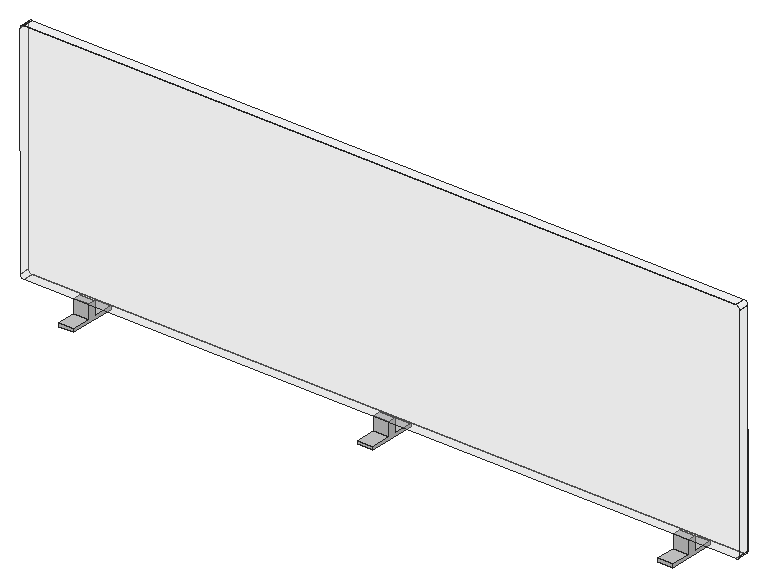
Revit family "Haworth_BelongPlus_Screen", category Furniture Systems, Revit 2018
Family settings
  Round Connector Dimension = Use Diameter
  Part Type = Normal
  OmniClass Number = 23.40.70.14.64.21
  OmniClass Title = Systems Furniture
  Work Plane-Based = No
  Always vertical = Yes
  Cut with Voids When Loaded = No
  Shared = No
  Room Calculation Point = No
Parameters (values of type "Territory Screen")
  Worksurface Thickness = 1 3/16"  # constant formula
  Worksurface Height = 29"
  Width = 60"
  Warranty = "http://www.haworth.com/resources/product-info/warranties"
  URL - Product = "http://www.haworth.com/products/accessories/work-tools/belong"
  URL = "www.haworth.com"
  Type Comments = ""
  Territory Screen = yes
  T-Bracket and Middle = and([T-Bracket], Middle Bracket)  # yes
  T-Bracket = or(Center Screen, Territory Screen)  # yes
  Sustainability Info = "https://www.haworth.com/na/en/expertise/sustainability.html"
  Size = "Verify Final Dim. w/ Haworth"  # constant formula
  Screen Finish = Haworth _ Glass _ Clear
  Screen Depth = 7/8"  # constant formula
  Revision Number = "3"  # constant formula
  Panel Bottom Offset = 0"
  L-Bracket and Middle = and([L-Bracket], Middle Bracket)  # no
  Full Modesty or Structural L Screen = no
  Custom Size = yes
  Center Screen = no
  Bracket Width = 1 1/4"  # constant formula
  Bracket Finish = Haworth _ Metal _ Brushed Aluminum
  Back or End Screen = no
  Actual Mounting Height = if([T-Bracket], 0", Actual Height / 2)  # 0"
  L-Bracket = or(Back or End Screen, Full Modesty or Structural L Screen)  # no
  Actual Bottom of Glass Height [instance] = 14 13/16"
  Model = "Haworth - Belong - Screen"  # constant formula
  Standard Widths = "24-60 in. @ 6 in. increments"
  Standard Heights = "19 or 27 in."
  Min. Width = 24"  # constant formula
  Middle Bracket = Actual Width > 48"  # yes
  Max. Width = 60"
  Min. Height = 19"
  Max. Height = 27"
  Manufacturer = "Haworth"  # constant formula
  Height = 12"
  Description = "Haworth_Belong-Screen"
  Bracket Spacing = Actual Width - 10"  # 50"
  Bracket Offset = 4 3/8"  # constant formula
  Author = "SHAPE Environments, LLC"  # constant formula
  Assembly Code = "E2020200"
  Actual Width = if(Width > Max. Width, Max. Width, if(Width < Min. Width, Min. Width, Width))  # 60"
  Actual Height = if(Height > Max. Height, Max. Height, if(Height < Min. Height, Min. Height, Height))  # 19"
Types (4): name | Worksurface Height | Width | Territory Screen | T-Bracket and Middle | T-Bracket | Screen Finish | Panel Bottom Offset | L-Bracket and Middle | Full Modesty or Structural L Screen | Custom Size | Center Screen | Back or End Screen | Actual Mounting Height | L-Bracket | Actual Bottom of Glass Height | Standard Widths | Standard Heights | Middle Bracket | Max. Width | Min. Height | Max. Height | Height | Bracket Spacing | Actual Width | Actual Height
  Back or End Screen | 29" | 60" | no | no | no | Haworth _ Fabric _ Tellure _ Miami 3A-33 | 0" | yes | no | no | no | yes | 13 1/2" | yes | 14 13/16" | "24-60 in. @ 6 in. increments" | "19 or 27 in." | yes | 60" | 19" | 27" | 27" | 50" | 60" | 27"
  Center Screen | 29" | 48" | no | no | yes | Haworth _ Glass _ Clear | 1/4" | no | no | no | yes | no | 0" | no | 27 13/16" | "24-96 in. @ 6 in. Increments" | "14 in." | no | 96" | 14" | 14" | 14" | 38" | 48" | 14"
  Territory Screen | 29" | 60" | yes | yes | yes | Haworth _ Glass _ Clear | 0" | no | no | yes | no | no | 0" | no | 14 13/16" | "24-60 in. @ 6 in. increments" | "19 or 27 in." | yes | 60" | 19" | 27" | 12" | 50" | 60" | 19"
  Full Modesty or Structural L Screen | 30" | 48" | no | no | no | Haworth _ Glass _ Clear | 0" | no | yes | no | no | no | 21" | yes | 13/16" | "24-48 in. @ 6 in. increments" | "42 or 50 in." | no | 48" | 42" | 50" | 42" | 38" | 48" | 42"
Reference planes (in)
  plane 1 "Center F/B": y = 0
  plane 2: z = 0
  plane 3 "Center L/R": x = -1.28601
  plane 4 "Screen Top": z = 33.8125
  plane 5 "Bottom": z = 14.8125
  plane 6 "Left": x = -31.28601
  plane 7 "Right": x = 28.71399
  plane 8 "Back": y = 0.4375
  plane 9 "Table Height Bottom": z = 14.8125
  plane 10 "Front": y = -0.4375
  plane 11 "Right Bracket": x = 24.33899
  plane 12 "Left Bracket": x = -26.91101
  plane 13 "Panel Bottom": z = 14.8125
  plane 14: y = 3.5625
  plane 15: z = 12.75
  plane 16: x = -1.91101
  plane 17: x = -0.66101
  plane 18: z = 13.4375
Forms (in)
  Extrusion 1, solid, material "Haworth _ Glass _ Clear" <- "Screen Finish"
    sketch origin (0, 0, 24) x (1, 0, 0) y (0, 0, 1)
      loop
        arc (-30.97351, 9.8125) -> (-31.19448, 9.72097) -> (-31.28601, 9.5) r 0.3125
        line (-31.28601, 9.5) -> (-31.28601, -8.875)
        arc (-31.28601, -8.875) -> (-31.19448, -9.09597) -> (-30.97351, -9.1875) r 0.3125
        line (-30.97351, -9.1875) -> (28.40149, -9.1875)
        arc (28.40149, -9.1875) -> (28.62247, -9.09597) -> (28.71399, -8.875) r 0.3125
        line (28.71399, -8.875) -> (28.71399, 9.5)
        arc (28.71399, 9.5) -> (28.62247, 9.72097) -> (28.40149, 9.8125) r 0.3125
        line (28.40149, 9.8125) -> (-30.97351, 9.8125)
    from 0.4375 to -0.4375
Lines and regions (in)
  Masking region 1
    outline origin (0, 0, 33.8125) x (-1, 0, 0) y (0, -1, 0)
      loop
        line (31.28601, -0.4375) -> (31.28601, 0.4375) -> (-28.71399, 0.4375) -> (-28.71399, -0.4375) -> (31.28601, -0.4375)
  Masking region 2, visible <- "L-Bracket", detail levels fine
    outline origin (0, 0, 0) x (1, 0, 0) y (0, 1, 0)
      loop
        line (-26.91101, 3.5625) -> (-26.91101, 0.4375) -> (-25.66101, 0.4375) -> (-25.66101, 3.5625) -> (-26.91101, 3.5625)
      loop
        line (23.08899, 3.5625) -> (23.08899, 0.4375) -> (24.33899, 0.4375) -> (24.33899, 3.5625) -> (23.08899, 3.5625)
  Masking region 3, visible <- "L-Bracket and Middle", detail levels fine
    outline origin (11.27631, 4.10424, 0) x (1, 0, 0) y (0, 1, 0)
      loop
        line (-13.18732, -0.54174) -> (-13.18732, -3.66674) -> (-11.93732, -3.66674) -> (-11.93732, -0.54174) -> (-13.18732, -0.54174)
  symbolic lines, visible <- "Center Screen"
    curve 1: line (-26.91101, 1.9375, 0) -> (-25.66101, 1.9375, 0)
    curve 2: line (-26.91101, -1.9375, 0) -> (-26.91101, 1.9375, 0)
    curve 3: line (-25.66101, -1.9375, 0) -> (-26.91101, -1.9375, 0)
    curve 4: line (-25.66101, 1.9375, 0) -> (-25.66101, -1.9375, 0)
    curve 9: line (23.08899, 1.9375, 0) -> (24.33899, 1.9375, 0)
    curve 10: line (23.08899, -1.9375, 0) -> (23.08899, 1.9375, 0)
    curve 11: line (24.33899, -1.9375, 0) -> (23.08899, -1.9375, 0)
    curve 12: line (24.33899, 1.9375, 0) -> (24.33899, -1.9375, 0)
  symbolic lines, visible <- "T-Bracket and Middle"
    curve 5: line (-1.91101, 1.9375, 0) -> (-0.66101, 1.9375, 0)
    curve 6: line (-1.91101, -1.9375, 0) -> (-1.91101, 1.9375, 0)
    curve 7: line (-0.66101, -1.9375, 0) -> (-1.91101, -1.9375, 0)
    curve 8: line (-0.66101, 1.9375, 0) -> (-0.66101, -1.9375, 0)
Dimensions and locks (in)
  "Actual Height": plane 4 "Screen Top" to plane 5 "Bottom"
  equal spacing: plane 7 "Right", plane 3 "Center L/R", plane 6 "Left"
  "Actual Width": plane 6 "Left" to plane 7 "Right"
  "Screen Depth": plane 8 "Back" to plane 10 "Front"
  equal spacing: plane 8 "Back", plane 1 "Center F/B", plane 10 "Front"
  "Bracket Offset": plane 7 "Right" to plane 11 "Right Bracket"
  "Bracket Offset": plane 12 "Left Bracket" to plane 6 "Left"
  "Actual Bottom of Glass Height": plane 5 "Bottom" to plane 2
  "Panel Bottom Offset": plane 13 "Panel Bottom" to plane 5 "Bottom"
  locked: plane 8 "Back" to plane 14 at 3.125
  locked: plane 9 "Table Height Bottom" to plane 15 at 2.0625
  equal spacing: plane 16, plane 3 "Center L/R", plane 17
  "Bracket Width": plane 16 to plane 17
  plane 13 "Panel Bottom" to plane 18 = 1 3/8"
  "Actual Mounting Height": plane 9 "Table Height Bottom" to plane 13 "Panel Bottom"
  aligned and locked: Extrusion 1 sketch curve to plane 4 "Screen Top"
  aligned and locked: plane 7 "Right" to Extrusion 1 sketch curve
  aligned and locked: plane 8 "Back" to Extrusion 1
  aligned and locked: Extrusion 1 to plane 10 "Front"
  aligned and locked: Masking region 1 sketch curve to Extrusion 1  (x2)
  aligned and locked: plane 10 "Front" to Masking region 1 sketch curve
  aligned and locked: plane 7 "Right" to Masking region 1 sketch curve
  aligned and locked: Extrusion 1 to plane 13 "Panel Bottom"
  aligned and locked: plane 12 "Left Bracket" to Masking region 2 sketch curve
  aligned and locked: plane 8 "Back" to Masking region 2 sketch curve  (x2)
  aligned and locked: Masking region 2 sketch curve to plane 14  (x2)
  aligned and locked: Masking region 2 sketch curve to plane 11 "Right Bracket"
  aligned and locked: plane 8 "Back" to Masking region 3 sketch curve
  aligned and locked: Masking region 3 sketch curve to plane 14
  aligned and locked: plane 17 to Masking region 3 sketch curve
  aligned and locked: plane 16 to Masking region 3 sketch curve
  aligned and locked: plane 1 "Center F/B" to nested 1
  aligned and locked: plane 3 "Center L/R" to nested 1
  aligned and locked: plane 1 "Center F/B" to nested 2
  aligned and locked: nested 2 to plane 12 "Left Bracket"
  aligned and locked: plane 1 "Center F/B" to nested 3
  aligned and locked: plane 11 "Right Bracket" to nested 3
  aligned and locked: plane 12 "Left Bracket" to curve 2
  aligned and locked: plane 9 "Table Height Bottom" to nested 4
  aligned and locked: plane 3 "Center L/R" to nested 4
  aligned and locked: nested 6 to plane 9 "Table Height Bottom"
  aligned and locked: plane 9 "Table Height Bottom" to nested 5
  aligned and locked: nested 5 to plane 12 "Left Bracket"
  aligned and locked: plane 11 "Right Bracket" to nested 6
  aligned and locked: plane 8 "Back" to nested 5
  aligned and locked: plane 8 "Back" to nested 4
  aligned and locked: plane 8 "Back" to nested 6
  aligned and locked: plane 9 "Table Height Bottom" to nested 2
  aligned and locked: plane 9 "Table Height Bottom" to nested 1
  aligned and locked: plane 9 "Table Height Bottom" to nested 3
Automatic sketch dimensions
  Extrusion 1 sketch curve to plane 6 "Left" = 0"
  Extrusion 1 sketch curve to plane 13 "Panel Bottom" = 0"
  plane 6 "Left" to Extrusion 1 sketch curve = 5/16"
  Extrusion 1 sketch curve to plane 4 "Screen Top" = 5/16"  (x2)
  plane 7 "Right" to Extrusion 1 sketch curve = 5/16"
  curve 7 to plane 16 = 0"
  curve 7 to plane 17 = 0"
  curve 11 to plane 11 "Right Bracket" = 0"
  plane 12 "Left Bracket" to curve 3 = 1 1/4"
  curve 11 to plane 11 "Right Bracket" = 1 1/4"
  plane 10 "Front" to curve 7 = 1 1/2"
  plane 10 "Front" to curve 11 = 1 1/2"
  plane 10 "Front" to curve 2 = 1 1/2"
  plane 8 "Back" to curve 6 = 1 1/2"
  plane 8 "Back" to curve 9 = 1 1/2"
  plane 8 "Back" to curve 4 = 1 1/2"
  Masking region 2 sketch curve to Masking region 2 sketch curve = 1 1/4"
  Masking region 2 sketch curve to plane 11 "Right Bracket" = 1 1/4"
Nested families (in)
  nested 1: "Haworth_BelongPlus_Screen_PART_Bracket" at (0, 0, -13.25), visible <- "T-Bracket and Middle", type "Back or End Screen"
  nested 2: "Haworth_BelongPlus_Screen_PART_Bracket" at (-25, 0, -13.25), visible <- "T-Bracket", type "Back or End Screen"
  nested 3: "Haworth_BelongPlus_Screen_PART_Bracket" at (25, 0, -13.25), visible <- "T-Bracket", type "Back or End Screen"
  nested 4: "Haworth_BelongPlus_Screen_PART_Bracket-L" at (0, 0, -13), visible <- "L-Bracket and Middle", type "L-Bracket"
  nested 5: "Haworth_BelongPlus_Screen_PART_Bracket-L" at (-25, 0, -13), visible <- "L-Bracket", type "L-Bracket"
  nested 6: "Haworth_BelongPlus_Screen_PART_Bracket-L" at (25, 0, -13), visible <- "L-Bracket", type "L-Bracket"
Definition of nested family "Haworth_BelongPlus_Screen_PART_Bracket"
  Parameters (values of type "Back or End Screen")
    Warranty = "http://www.haworth.com/resources/product-info/warranties"
    URL - Product = "http://www.haworth.com/products/accessories/work-tools/belong"
    URL = "www.haworth.com"
    Type Comments = ""
    Sustainability Info = "https://www.haworth.com/na/en/expertise/sustainability.html"
    Size = "Verify Final Dim. w/ Haworth"  # constant formula
    Revision Number = "1"  # constant formula
    Bracket Finish = none
    Model = "Haworth - Belong - Screen - Bracket"  # constant formula
    Manufacturer = "Haworth"  # constant formula
    Description = "Haworth_Belong-Screen"
    Author = "SHAPE Environments, LLC"  # constant formula
    Assembly Code = "E2020200"
  Reference planes (in)
    plane 1 "Center F/B": y = 0
    plane 2: z = 0
    plane 3 "Center L/R": x = -1.28601
    plane 4 "Screen Top": z = 41.8125
    plane 5 "Bottom": z = 27.8125
    plane 6 "Back": y = 0.4375
    plane 7 "Table Height Bottom": z = 27.8125
    plane 8 "Front": y = -0.4375
    plane 9 "Panel Bottom": z = 28.0625
    plane 10: y = 3.5625
    plane 11: z = 25.75
    plane 12: x = -1.91101
    plane 13: x = -0.66101
    plane 14: z = 26.6875
  Forms (in)
    Extrusion 1, solid, material <- "Bracket Finish"
      sketch origin (-1.28601, -5, 0) x (0, 1, 0) y (0, 0, -1)
        loop
          line (5.3125, -28.0625) -> (5.3125, -26.9375) -> (6.9375, -26.9375) -> (6.9375, -26.6875) -> (3.0625, -26.6875) -> (3.0625, -26.9375) -> (4.6875, -26.9375) -> (4.6875, -28.0625) -> (5.3125, -28.0625)
      from -0.625 to 0.625
  Lines and regions (in)
    Masking region 1
      outline origin (0, 0, 0) x (1, 0, 0) y (0, 1, 0)
        loop
          line (-1.91101, 1.9375) -> (-1.91101, -1.9375) -> (-0.66101, -1.9375) -> (-0.66101, 1.9375) -> (-1.91101, 1.9375)
  Dimensions and locks (in)
    locked: plane 4 "Screen Top" to plane 5 "Bottom" at 14
    locked: plane 7 "Table Height Bottom" to plane 2 at 27.8125
    locked: plane 9 "Panel Bottom" to plane 5 "Bottom" at 0.25
    locked: plane 6 "Back" to plane 10 at 3.125
    locked: plane 7 "Table Height Bottom" to plane 11 at 2.0625
    equal spacing: plane 12, plane 3 "Center L/R", plane 13
    plane 12 to plane 13 = 1 1/4"
    plane 9 "Panel Bottom" to plane 14 = 1 3/8"
    aligned and locked: Extrusion 1 to plane 14
  Automatic sketch dimensions
    plane 11 to Extrusion 1 sketch curve = 15/16"
    Extrusion 1 sketch curve to plane 9 "Panel Bottom" = 0"
    plane 11 to Extrusion 1 sketch curve = 1 3/16"  (x2)
    plane 8 "Front" to Extrusion 1 sketch curve = 1 1/2"
    Extrusion 1 sketch curve to plane 8 "Front" = 1/8"
    Extrusion 1 sketch curve to plane 6 "Back" = 1/8"
    plane 6 "Back" to Extrusion 1 sketch curve = 1 1/2"
    Masking region 1 sketch curve to plane 12 = 0"
    Masking region 1 sketch curve to plane 13 = 0"
    plane 8 "Front" to Masking region 1 sketch curve = 1 1/2"
    plane 6 "Back" to Masking region 1 sketch curve = 1 1/2"
Definition of nested family "Haworth_BelongPlus_Screen_PART_Bracket-L"
  Parameters (values of type "L-Bracket")
    Warranty = "http://www.haworth.com/resources/product-info/warranties"
    URL - Product = "http://www.haworth.com/products/accessories/work-tools/belong"
    URL = "www.haworth.com"
    Type Comments = ""
    Sustainability Info = "https://www.haworth.com/na/en/expertise/sustainability.html"
    Size = "Verify Final Dim. w/ Haworth"  # constant formula
    Revision Number = "1"  # constant formula
    Bracket Finish = none
    Model = "Haworth - Belong - Screen"  # constant formula
    Manufacturer = "Haworth"  # constant formula
    Description = "Haworth_Belong-Screen"
    Author = "SHAPE Environments, LLC"  # constant formula
    Assembly Code = "E2020200"
  Reference planes (in)
    plane 1 "Center F/B": y = 0
    plane 2: z = 0
    plane 3 "Center L/R": x = -1.28601
    plane 4 "Screen Top": z = 41.8125
    plane 5 "Bottom": z = 27.8125
    plane 6 "Left": x = -25.28601
    plane 7 "Right": x = 22.71399
    plane 8 "Back": y = 0.4375
    plane 9 "Table Height Bottom": z = 27.8125
    plane 10 "Front": y = -0.4375
    plane 11 "Right Bracket": x = 18.33899
    plane 12 "Left Bracket": x = -20.91101
    plane 13 "Panel Bottom": z = 28.0625
    plane 14: y = 3.5625
    plane 15: z = 25.75
    plane 16: x = -1.91101
    plane 17: x = -0.66101
    plane 18: z = 26.6875
  Forms (in)
    Extrusion 1, solid, material <- "Bracket Finish"
      sketch origin (-1.28601, 0, 0) x (0, 1, 0) y (0, 0, 1)
        loop
          line (3.5625, 27.8125) -> (0.4375, 27.8125) -> (0.4375, 25.75) -> (0.6875, 25.75) -> (0.6875, 27.5625) -> (3.5625, 27.5625) -> (3.5625, 27.8125)
      from -0.625 to 0.625
  Lines and regions (in)
    Masking region 1, not visible, detail levels fine
      outline origin (11.27631, 4.10424, 0) x (1, 0, 0) y (0, 1, 0)
        loop
          line (-13.18732, -0.54174) -> (-13.18732, -3.66674) -> (-11.93732, -3.66674) -> (-11.93732, -0.54174) -> (-13.18732, -0.54174)
  Dimensions and locks (in)
    locked: plane 4 "Screen Top" to plane 5 "Bottom" at 14
    equal spacing: plane 7 "Right", plane 3 "Center L/R", plane 6 "Left"
    locked: plane 6 "Left" to plane 7 "Right" at 48
    locked: plane 8 "Back" to plane 10 "Front" at 0.875
    equal spacing: plane 8 "Back", plane 1 "Center F/B", plane 10 "Front"
    locked: plane 9 "Table Height Bottom" to plane 2 at 27.8125
    locked: plane 7 "Right" to plane 11 "Right Bracket" at 4.375
    locked: plane 12 "Left Bracket" to plane 6 "Left" at 4.375
    locked: plane 5 "Bottom" to plane 2 at 27.8125
    locked: plane 13 "Panel Bottom" to plane 5 "Bottom" at 0.25
    locked: plane 8 "Back" to plane 14 at 3.125
    locked: plane 9 "Table Height Bottom" to plane 15 at 2.0625
    equal spacing: plane 16, plane 3 "Center L/R", plane 17
    plane 16 to plane 17 = 1 1/4"
    plane 13 "Panel Bottom" to plane 18 = 1 3/8"
    aligned and locked: plane 8 "Back" to Masking region 1 sketch curve
    aligned and locked: Masking region 1 sketch curve to plane 14
    aligned and locked: plane 17 to Masking region 1 sketch curve
    aligned and locked: plane 16 to Masking region 1 sketch curve
    aligned and locked: Extrusion 1 to plane 16
  Automatic sketch dimensions
    Extrusion 1 sketch curve to plane 5 "Bottom" = 0"
    Extrusion 1 sketch curve to plane 8 "Back" = 0"
    Extrusion 1 sketch curve to plane 15 = 0"
    Extrusion 1 sketch curve to plane 14 = 0"
    Extrusion 1 sketch curve to Extrusion 1 sketch curve = 1/4"  (x2)
